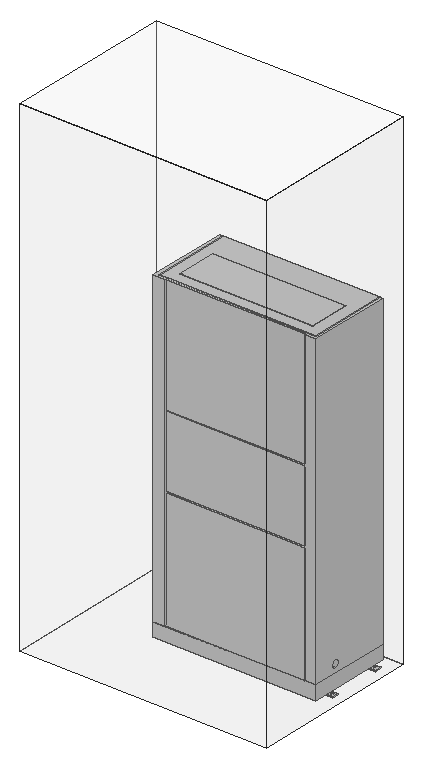
Revit family "pffy-p112_280rmg9_50Hz", category 機械設備, Revit 2019
Family settings
  丸型コネクタ寸法 = 直径を使用
  パーツ タイプ = 標準
  OmniClass 番号 = 23.75.10.24.21.27.27
  OmniClass タイトル = Split System Air Conditioning Units
  作業面ベース = いいえ
  常に垂直 = はい
  ロード時にボイドで切り取り = いいえ
  共有 = いいえ
  部屋計算ポイント = いいえ
Parameters (values of type "PFFY-P112RMG9")
  風量（m3／min） = 32
  風量 = MAX風量  # 1920.0 m³/h
  音響パワーレベル(dB) = 66
  電源種別 = ""
  電圧_電気ヒーター = 0 V
  電圧 = 200 V
  電動機出力_送風機 = 0.4 kW
  運転質量 = 0.00 kg
  連動 = ""
  質量 = if(製品質量 > 運転質量, 製品質量, 運転質量) * 1.2  # 163.20 kg
  負荷分類 = 3_ファン類
  説明 = "ビル用マルチエアコン 壁ビルトイン形　室内機"
  設計暖房能力 [instance] = 0 kW
  設計冷房能力_顕熱 [instance] = 0 kW
  設計冷房能力 [instance] = 0 kW
  設置方法 = "床置形"
  記号 [instance] = ""
  製造元 = "三菱電機株式会社"
  製品質量 = 136.00 kg
  製品出荷対象 = "国内"
  製品リリース年月 = "2022年9月15日"
  製品グループ = ""
  系統 [instance] = ""
  符号 = "ACP-FRV(D)"
  積算_科目 = "1 空気調和設備"
  積算_拾い区分 [instance] = ""
  相_電気ヒーター = 1
  相 = 3
  盤記号 [instance] = ""
  発停方法 = ""
  特殊仕様 [instance] = ""
  火災停止 = ""
  消費電力_電気ヒーター = 0 kW
  消費電力_暖房 = 0.48 kW
  消費電力_加湿器 = 0 kW
  消費電力_冷房 = 0.48 kW
  消費電力 = if(消費電力_冷房 > 消費電力_暖房, 消費電力_冷房, 消費電力_暖房) + 消費電力_加湿器 + 消費電力_電気ヒーター  # 0.48 kW
  法定耐用年数 = "15"
  機械基礎質量 [instance] = 0.00 kg
  機械基礎_W = 0 mm
  機械基礎_H = 0 mm
  機械基礎_D = 0 mm
  機械基礎 [instance] = no
  機外静圧 = 200.0 Pa
  極数 = 3
  材質 [instance] = ""
  本体マテリアル = none
  有効加湿量 = 0
  暖房能力 = 12.5 kW
  形式_加湿器 = ""
  形式 = "床置（露出）立形"
  形名 = PFFY-P-RMG : PFFY-P112RMG9
  幹線記号 [instance] = ""
  始動方式 = "直入"
  呼称 = "室内機_床置(露出)立形(直吹)"
  周波数 = 50 Hz
  台数_手元リモコン [instance] = ""
  台数_冷媒分岐ユニット [instance] = ""
  参照している仕様書等のバージョン = "公共建築工事標準仕様書（機械設備工事編）平成31年度版"
  加湿給水管径 = 0.00 mm
  分類コード = "50053003221100"
  分類グループ = ""
  冷房能力 = 11.2 kW
  冷媒高低圧ガス管径 = 0.00 mm
  冷媒管径符号 = "Bd"
  冷媒管径 = 100.00 mm
  冷媒液管径 = 9.52 mm
  冷媒ガス管径 = 15.88 mm
  価格 = 0
  企業コード = "108420"
  付属品_フィルター = ""
  付属品 [instance] = ""
  仕様書バージョン = "Version1.0"
  モデル = "PFFY-P112RMG9"
  ドレン管径 = 34.00 mm
  ダクト高 = 250 mm
  ダクト幅 = 800 mm
  コメント [instance] = ""
  Keynote = ""
  Width = 980 mm
  Version = ""
  Uniclass2015Version = "Systems v1.9"
  Uniclass2015Title = "Split coil remote air cooled condensing units"
  Uniclass2015Code = "Pr_70_65_03_84"
  URL = "https://www.mitsubishielectric.co.jp/ldg/wink/ssl/displayProduct.do?pid=317106"
  S寸法 = 0 mm
  SpecificationReference = ""
  SpecificationDescription = ""
  Revision = ""
  ProductInformation = ""
  OmniClassCode = "23-33 17 13 11"
  MAX風量 = 風量（m3／min） * 60.0 m³/h  # 1920.0 m³/h
  IfcTypeProduct = ""
  IfcProduct = ""
  IfcExportType = "AIRCONDITIONINGUNIT"
  IfcExportAs = "IfcUnitaryEquipmentType"
  Height = 1950 mm
  Depth = 500 mm
  Clearance Top = 1000 mm
  Clearance Right = 100 mm
  Clearance Left = 400 mm
  Clearance Front = 500 mm
  Clearance Back = 30 mm
  Author = "三菱電機株式会社"
Types (4, lengths in mm): name | 風量（m3／min） | 風量 | 音響パワーレベル(dB) | 電動機出力_送風機 | 質量 | 製品質量 | 消費電力_暖房 | 消費電力_冷房 | 消費電力 | 機械基礎_H | 機外静圧 | 暖房能力 | 形名 | 冷房能力 | 冷媒管径符号 | 冷媒ガス管径 | モデル | ダクト幅 | Width | URL | MAX風量
  PFFY-P112RMG9 | 32 | 1920.0 m³/h | 66 | 0.4 kW | 163.20 kg | 136.00 kg | 0.48 kW | 0.48 kW | 0.48 kW | 0 | 200.0 Pa | 12.5 kW | PFFY-P-RMG : PFFY-P112RMG9 | 11.2 kW | "Bd" | 15.88 | "PFFY-P112RMG9" | 800 | 980 | "https://www.mitsubishielectric.co.jp/ldg/wink/ssl/displayProduct.do?pid=317106" | 1920.0 m³/h
  PFFY-P140RMG9 | 40 | 2400.0 m³/h | 68 | 0.48 kW | 163.20 kg | 136.00 kg | 0.64 kW | 0.64 kW | 0.64 kW | 0 | 200.0 Pa | 16 kW | PFFY-P-RMG : PFFY-P140RMG9 | 14 kW | "Bd" | 15.88 | "PFFY-P140RMG9" | 800 | 980 | "https://www.mitsubishielectric.co.jp/ldg/wink/ssl/displayProduct.do?pid=317107" | 2400.0 m³/h
  PFFY-P224RMG9 | 64 | 3840.0 m³/h | 72 | 0.9 kW | 198.00 kg | 165.00 kg | 1.23 kW | 1.23 kW | 1.23 kW | 0 | 300.0 Pa | 25 kW | PFFY-P-RMG : PFFY-P224RMG9 | 22.4 kW | "Be" | 19.05 | "PFFY-P224RMG9" | 1020 | 1200 | "https://www.mitsubishielectric.co.jp/ldg/wink/ssl/displayProduct.do?pid=317108" | 3840.0 m³/h
  PFFY-P280RMG9 | 80 | 4800.0 m³/h | 77 | 1.1 kW | 220.80 kg | 184.00 kg | 1.61 kW | 1.61 kW | 1.61 kW | 150 | 300.0 Pa | 31.5 kW | PFFY-P-RMG : PFFY-P280RMG9 | 28 kW | "Bf" | 22.20 | "PFFY-P280RMG9" | 1260 | 1440 | "https://www.mitsubishielectric.co.jp/ldg/wink/ssl/displayProduct.do?pid=317109" | 4800.0 m³/h
Reference planes
  plane 1: z = -150
  plane 2: z = 1800
  plane 3: z = -150
  plane 4: z = 2800
  plane 5 "中心(正面/背面)": y = -250
  plane 6 "左": x = -490
  plane 7 "右": x = 490
  plane 8 "正面": y = -500
  plane 9 "背面": y = 0
  plane 10: x = 0
  plane 11: x = -875
  plane 12: y = 0
  plane 13: y = -500
  plane 14: x = 490
  plane 15: y = 30
  plane 16: x = 590
  plane 17: x = -890
  plane 18: y = -1000
  plane 19 "配管_左": x = -493
  plane 20 "電源_右": x = 493
Dimensions and locks
  "Height": plane 1 to plane 2
  "Clearance Top": plane 4 to plane 2
  "Width": plane 6 "左" to plane 7 "右"
  "Depth": plane 8 "正面" to plane 9 "背面"
  "S寸法": plane 9 "背面" to plane 12
  "S寸法": plane 13 to plane 8 "正面"
  "S寸法": plane 7 "右" to plane 14
  "Clearance Back": plane 9 "背面" to plane 15
  "Clearance Right": plane 7 "右" to plane 16
  "Clearance Left": plane 17 to plane 6 "左"
  "Clearance Front": plane 18 to plane 8 "正面"
  equal spacing: plane 6 "左", plane 10, plane 7 "右"
  locked: plane 14 to plane 20 "電源_右" at 3
  locked: plane 19 "配管_左" to plane 6 "左" at 3
  aligned and locked: plane 17 to nested 1
  aligned and locked: plane 16 to nested 1
  aligned and locked: plane 15 to nested 1
  aligned and locked: plane 1 to plane 3
  aligned and locked: plane 10 to nested 2
  aligned and locked: plane 5 "中心(正面/背面)" to nested 2
  aligned and locked: plane 18 to nested 1
Nested families
  nested 1: "サービススペース(PFFY-P-DMG)" at (-150, -485, 1325), type "サービススペース(PFFY-P-DMG)"
    with Width 1480 mm, Height 2950 mm, Depth 1030 mm
  nested 2: "PFFY-P-RMG" at (0, -250, -150), type <- "形名", マテリアル1 <- "本体マテリアル", type "PFFY-P112RMG9"
    with 表示 yes, マテリアル2 none, マテリアル1 none
Connectors
  piping at (-493, -325, 760), diameter 100
    settings: on nested 2, index 1, connector inside diameter 609.60 mm, connector length 0 mm, flow factor 0, pipe flow 0.0 L/s, pressure drop 0.0 Pa, fitting loss kfactor 0, connector angle 0.00°, fixture units 0, engagement length 0 mm, angle of deflection 0.00°, flow configuration 0, flow direction 0, fitting loss method 0, system type 7, joint type 0, gender type 0, connector reference index -1, connector utility 0, adjustable connector no, is connector primary yes, connector description ""
  piping at (-493, -245, -120), diameter 34
    settings: on nested 2, index 2, connector inside diameter 609.60 mm, connector length 0 mm, flow factor 0, pipe flow 0.0 L/s, pressure drop 0.0 Pa, fitting loss kfactor 0, connector angle 0.00°, fixture units 0, engagement length 0 mm, angle of deflection 0.00°, flow configuration 0, flow direction 0, fitting loss method 0, system type 7, joint type 0, gender type 0, connector reference index -1, connector utility 0, adjustable connector no, is connector primary no, connector description ""
  electrical at (493, -360, -10), driven by "電圧", driven by "消費電力"
    settings: on nested 2, index 3, voltage 200 V, apparent load 480 VA, apparent load phase1 0 VA, apparent load phase2 0 VA, apparent load phase3 0 VA, power factor 1, load classification "その他", number of poles 1, system type 30, power factor state 1, is connector primary yes, connector utility no, sub classification motor no, connector description ""
Definition of nested family "サービススペース(PFFY-P-DMG)"
  Parameters (values of type "サービススペース")
    Width [instance] = 500 mm
    Height [instance] = 500 mm
    Depth [instance] = 500 mm
  Reference planes
    plane 1 "中心(正面/背面)": y = 0
    plane 2: z = 0
    plane 3 "中心(左/右)": x = 0
    plane 4: y = -250
    plane 5: x = 250
    plane 6: y = 250
    plane 7: x = -250
    plane 8: z = 250
    plane 9: z = -250
  Forms (mm)
    Extrusion 1, solid
      sketch origin (-638.939, 0, 72.39) x (1, 0, 0) y (0, 1, 0)
        loop
          line (388.939, 250) -> (388.939, -250) -> (888.939, -250) -> (888.939, 250) -> (388.939, 250)
      from -322.39 to 177.61
  Lines and regions (mm)
    symbolic lines
      curve 1: line (-250, 0, 250) -> (250, 0, 250)
      curve 2: line (-250, 0, -250) -> (-250, 0, 250)
      curve 3: line (250, 0, -250) -> (-250, 0, -250)
      curve 4: line (250, 0, 250) -> (250, 0, -250)
      curve 5: line (0, -250, 250) -> (0, 250, 250)
      curve 6: line (0, -250, -250) -> (0, -250, 250)
      curve 7: line (0, 250, -250) -> (0, -250, -250)
      curve 8: line (0, 250, 250) -> (0, 250, -250)
      curve 9: line (-250, 250, 0) -> (250, 250, 0)
      curve 10: line (-250, -250, 0) -> (-250, 250, 0)
      curve 11: line (250, -250, 0) -> (-250, -250, 0)
      curve 12: line (250, 250, 0) -> (250, -250, 0)
  Dimensions and locks
    equal spacing: plane 7, plane 3 "中心(左/右)", plane 5
    equal spacing: plane 4, plane 1 "中心(正面/背面)", plane 6
    "Depth": plane 4 to plane 6
    "Width": plane 7 to plane 5
    equal spacing: plane 8, plane 2, plane 9
    "Height": plane 8 to plane 9
    aligned and locked: plane 9 to curve 3
    aligned and locked: plane 7 to curve 2
    aligned and locked: curve 4 to plane 5
    aligned and locked: plane 5 to Extrusion 1
    aligned and locked: Extrusion 1 to plane 7
    aligned and locked: Extrusion 1 to plane 9
    aligned and locked: plane 8 to Extrusion 1
    aligned and locked: plane 9 to curve 7
  Automatic sketch dimensions
    plane 4 to Extrusion 1 sketch curve = 0 mm
    Extrusion 1 sketch curve to plane 7 = 0 mm
    Extrusion 1 sketch curve to plane 5 = 0 mm
    plane 6 to Extrusion 1 sketch curve = 0 mm
    curve 2 to plane 8 = 0 mm
    plane 4 to curve 11 = 0 mm
    curve 11 to plane 7 = 0 mm
    curve 11 to plane 5 = 0 mm
    plane 6 to curve 10 = 0 mm
    curve 7 to plane 4 = 0 mm
    curve 7 to plane 6 = 0 mm
    curve 6 to plane 8 = 0 mm
Definition of nested family "PFFY-P-RMG"
  Parameters (values of type "PFFY-P224RMG9")
    液径 = 9.52 mm
    液-W = 0 mm
    液-H = 910 mm
    液-D = 225 mm
    高 = 1950 mm
    電源径 = 36 mm
    電源-W = 0 mm
    電源-H = 140 mm
    電源-D = 140 mm
    表示 [instance] = yes
    幅 = 1200 mm
    奥行 = 500 mm
    吹出し口-W = 1020 mm
    吹出し口-D = 250 mm
    吊りボルト径 = 12 mm
    吊りボルト-W = 1242 mm
    吊りボルト-D = 320 mm
    吊りボルト-H = 0 mm
    冷媒径 = 100 mm
    ガス径 = 19.05 mm
    ガス-W = 0 mm
    ガス-H = 910 mm
    ガス-D = 125 mm
    マテリアル2 [instance] = none
    マテリアル1 [instance] = none
    ドレン径 = 34 mm  # constant formula
    ドレン-W = 0 mm
    ドレン-H = 30 mm
    ドレン-D = 255 mm
  Types (4, lengths in mm): name | 幅 | 吹出し口-W | 吊りボルト-W | ガス径
    PFFY-P280RMG9 | 1440 | 1260 | 1482 | 22.2
    PFFY-P224RMG9 | 1200 | 1020 | 1242 | 19.05
    PFFY-P140RMG9 | 980 | 800 | 1022 | 15.88
    PFFY-P112RMG9 | 980 | 800 | 1022 | 15.88
  Reference planes
    plane 1 "中心(正面/背面)": y = 0
    plane 2: z = 0
    plane 3 "中心(左/右)": x = 0
    plane 4: x = 600
    plane 5: x = -600
    plane 6: y = 250
    plane 7: y = -250
    plane 8: z = 1250
    plane 9: z = 1950
    plane 10: z = 85
    plane 11 "吊りボルト-W2": x = 621
    plane 12 "吊りボルト-W1": x = -621
    plane 13 "ドレン-H": z = 30
    plane 14 "電源穴-H": z = 140
    plane 15: z = 910
    plane 16: z = 910
    plane 17: z = 1240
    plane 18: x = 640
    plane 19: x = -640
    plane 20: y = 130
    plane 21: z = 5
    plane 22 "冷媒管-H": z = 910
    plane 23: z = 800
    plane 24: z = 810
    plane 25 "67-20": y = -183
    plane 26 "吹出し口-D2": y = -163
    plane 27 "吹出し口-D1": y = 87
    plane 28: x = 530
    plane 29 "吹出し口-幅2": x = 510
    plane 30 "吹出し口-幅1": x = -510
    plane 31 "20": x = -530
    plane 32 "吊りボルト-D2": y = -155
    plane 33 "吊りボルト-D1": y = 165
    plane 34 "ドレン-D": y = 5
    plane 35 "冷媒管-D": y = -75
    plane 36 "ガス-D": y = -125
    plane 37 "液-D": y = -25
    plane 38 "電源-D": y = -110
    plane 39 "電源穴-D": y = -110
    plane 40 "ガス": y = -125
    plane 41 "液": y = -25
  Forms (mm)
    Extrusion 1, solid, material <- "マテリアル1", visible <- "表示", detail levels fine
      sketch origin (0, 0, -400) x (1, 0, 0) y (0, 1, 0)
        loop
          line (530, -230) -> (-530, -230) -> (-530, -247) -> (530, -247) -> (530, -230)
      from 1650 to 2350
    Extrusion 2, solid, material <- "マテリアル1", visible <- "表示", detail levels fine
      sketch origin (0, 0, -800) x (1, 0, 0) y (0, 1, 0)
        loop
          line (-530, -247) -> (530, -247) -> (530, -230) -> (-530, -230) -> (-530, -247)
      from 885 to 1600
    Extrusion 3, solid, material <- "マテリアル2", visible <- "表示", detail levels fine
      sketch origin (0, 0, 0) x (1, 0, 0) y (0, 1, 0)
        loop
          line (600, 185) -> (600, 145) -> (640, 145) -> (640, 185) -> (600, 185)
        loop
          line (600, -137.5) -> (600, -177.5) -> (640, -177.5) -> (640, -137.5) -> (600, -137.5)
        loop
          line (-640, 185) -> (-640, 145) -> (-600, 145) -> (-600, 185) -> (-640, 185)
        loop
          line (-640, -137.5) -> (-640, -177.5) -> (-600, -177.5) -> (-600, -137.5) -> (-640, -137.5)
        loop
          circle (-621, 165) r 6
        loop
          circle (621, 165) r 6
        loop
          circle (621, -155) r 6
        loop
          circle (-621, -155) r 6
      from 0 to 5
    Extrusion 4, solid, material <- "マテリアル1", visible <- "表示", detail levels fine
      sketch origin (-1437.329, -1524, 1748) x (-1, 0, 0) y (0, -1, 0)
        loop
          line (-837.329, -1774) -> (-837.329, -1274) -> (-907.329, -1274) -> (-907.329, -1294) -> (-857.329, -1294) -> (-857.329, -1774) -> (-837.329, -1774)
        loop
          line (-2017.329, -1774) -> (-2017.329, -1294) -> (-1967.329, -1294) -> (-1967.329, -1274) -> (-2037.329, -1274) -> (-2037.329, -1774) -> (-2017.329, -1774)
      from -1663 to 202
    Extrusion 5, solid, material <- "マテリアル1", visible <- "表示", detail levels fine
      sketch origin (-1437.329, -1524, 1748) x (-1, 0, 0) y (0, -1, 0)
        loop
          line (-2017.329, -1774) -> (-857.329, -1774) -> (-857.329, -1294) -> (-2017.329, -1294) -> (-2017.329, -1774)
      from -1663 to 202
    Extrusion 6, solid, material <- "マテリアル2", visible <- "表示", detail levels fine
      sketch origin (-1437.329, -1524, 1748) x (-1, 0, 0) y (0, -1, 0)
        loop
          line (-837.329, -1774) -> (-837.329, -1274) -> (-2037.329, -1274) -> (-2037.329, -1774) -> (-837.329, -1774)
      from -1748 to -1663
    Extrusion 7, solid, material <- "マテリアル2", visible <- "表示", detail levels fine
      sketch origin (600, 1296.25, 1200) x (0, 1, 0) y (0, 0, 1)
        loop
          circle (-1406.25, -1060) r 18
      from 0 to 3
    Extrusion 8, solid, material <- "マテリアル1", visible <- "表示", detail levels fine
      sketch origin (0, 0, -360) x (1, 0, 0) y (0, 1, 0)
        loop
          line (-530, -247) -> (530, -247) -> (530, -230) -> (-530, -230) -> (-530, -247)
      from 1170 to 1600
    Extrusion 9, solid, detail levels fine
      sketch origin (-1437.329, -1524, 1950) x (-1, 0, 0) y (0, -1, 0)
        loop
          line (-1947.329, -1361) -> (-1947.329, -1611) -> (-927.329, -1611) -> (-927.329, -1361) -> (-1947.329, -1361)
      from 0 to 1
    Extrusion 10, solid, detail levels fine
      sketch origin (-600, -250, 1748) x (0, 1, 0) y (0, 0, -1)
        loop
          circle (175, 838) r 50
      from 0 to 3
    Extrusion 11, solid, detail levels fine
      sketch origin (-600, -250, 1748) x (0, 1, 0) y (0, 0, -1)
        loop
          circle (255, 1718) r 17
      from 0 to 3
    Extrusion 12, solid, detail levels fine
      sketch origin (-600, -250, 1748) x (0, 1, 0) y (0, 0, -1)
        loop
          circle (125, 838) r 9.525
        loop
          circle (225, 838) r 4.76
      from 0 to 3
  Lines and regions (mm)
    Masking region 1, visible <- "表示", detail levels coarse+medium
      outline origin (0, 0, 0) x (1, 0, 0) y (0, 1, 0)
        loop
          line (-600, 250) -> (-600, -250) -> (600, -250) -> (600, 250) -> (-600, 250)
    symbolic lines, visible <- "表示"
      curve 1: line (-600, 250, 1748) -> (-600, -250, 1748)
      curve 2: line (-600, -250, 1748) -> (600, -250, 1748)
      curve 3: line (600, -250, 1748) -> (600, 250, 1748)
      curve 4: line (600, 250, 1748) -> (-600, 250, 1748)
  Dimensions and locks
    equal spacing: plane 7, plane 1 "中心(正面/背面)", plane 6
    "奥行": plane 7 to plane 6
    equal spacing: plane 5, plane 3 "中心(左/右)", plane 4
    "幅": plane 5 to plane 4
    plane 10 to level = 85 mm
    equal spacing: plane 12 "吊りボルト-W1", plane 3 "中心(左/右)", plane 11 "吊りボルト-W2"
    "吊りボルト-W": plane 12 "吊りボルト-W1" to plane 11 "吊りボルト-W2"
    "ドレン-H": plane 13 "ドレン-H" to level
    "電源-H": plane 14 "電源穴-H" to level
    "液-H": plane 15 to level
    plane 9 to plane 8 = 700 mm
    "ガス-H": plane 16 to level
    locked: plane 8 to plane 17 at 10
    locked: plane 19 to plane 5 at 40
    locked: plane 4 to plane 18 at 40
    locked: plane 21 to level at 5
    "高": plane 9 to level
    locked: plane 24 to plane 23 at 10
    plane 23 to level = 800 mm
    locked: plane 7 to plane 25 "67-20" at 67
    "吹出し口-D": plane 26 "吹出し口-D2" to plane 27 "吹出し口-D1"
    locked: plane 25 "67-20" to plane 26 "吹出し口-D2" at 20
    locked: plane 28 to plane 4 at 70
    locked: plane 29 "吹出し口-幅2" to plane 28 at 20
    "吹出し口-W": plane 30 "吹出し口-幅1" to plane 29 "吹出し口-幅2"
    locked: plane 31 "20" to plane 30 "吹出し口-幅1" at 20
    locked: plane 7 to plane 32 "吊りボルト-D2" at 95
    "吊りボルト-D": plane 32 "吊りボルト-D2" to plane 33 "吊りボルト-D1"
    "吊りボルト径": diameter of Extrusion 3 sketch curve  (x4)
    "電源径": diameter of Extrusion 7 sketch curve
    "冷媒径": diameter of Extrusion 10 sketch curve
    "ドレン径": diameter of Extrusion 11 sketch curve
    "ガス径": diameter of Extrusion 12 sketch curve
    "液径": diameter of Extrusion 12 sketch curve
    aligned and locked: level to plane 2
    aligned and locked: Extrusion 2 to plane 10
    aligned and locked: Extrusion 1 to plane 8
    aligned and locked: Extrusion 4 to plane 10
    aligned and locked: plane 9 to Extrusion 4
    aligned and locked: plane 9 to Extrusion 1
    aligned and locked: Extrusion 4 sketch curve to plane 7
    aligned and locked: Extrusion 5 sketch curve to plane 6
    aligned and locked: plane 9 to Extrusion 5
    aligned and locked: Extrusion 5 to plane 10
    aligned and locked: plane 4 to Extrusion 3 sketch curve  (x2)
    aligned and locked: Extrusion 3 sketch curve to plane 18  (x2)
    aligned and locked: plane 19 to Extrusion 3 sketch curve  (x2)
    aligned and locked: Extrusion 3 sketch curve to plane 5  (x2)
    aligned and locked: plane 12 "吊りボルト-W1" to Extrusion 3 sketch curve  (x2)
    aligned and locked: plane 11 "吊りボルト-W2" to Extrusion 3 sketch curve  (x2)
    aligned and locked: Extrusion 3 to level
    aligned and locked: plane 21 to Extrusion 3
    aligned and locked: Extrusion 6 sketch curve to Extrusion 4
    aligned and locked: Extrusion 6 sketch curve to Extrusion 5
    aligned and locked: Extrusion 6 to level
    aligned and locked: plane 10 to Extrusion 6
    aligned and locked: Masking region 1 sketch curve to Extrusion 6
    aligned and locked: Masking region 1 sketch curve to Extrusion 4
    aligned and locked: Masking region 1 sketch curve to plane 7
    aligned and locked: Masking region 1 sketch curve to plane 4
    aligned and locked: plane 14 "電源穴-H" to Extrusion 7 sketch curve
    aligned and locked: Extrusion 7 to plane 4
    aligned and locked: plane 23 to Extrusion 2
    aligned and locked: Extrusion 8 to plane 24
    aligned and locked: plane 30 "吹出し口-幅1" to Extrusion 9 sketch curve
    aligned and locked: nested 1 to plane 11 "吊りボルト-W2"
    aligned and locked: plane 33 "吊りボルト-D1" to nested 1
    aligned and locked: plane 32 "吊りボルト-D2" to nested 1
    aligned and locked: plane 12 "吊りボルト-W1" to nested 1
  Automatic sketch dimensions
    plane 7 to curve 2 = 0 mm
    plane 6 to Extrusion 4 sketch curve = 0 mm  (x2)
    Extrusion 4 sketch curve to plane 5 = 0 mm
    plane 5 to Extrusion 1 sketch curve = 70 mm
    plane 5 to Extrusion 2 sketch curve = 70 mm
    Extrusion 4 sketch curve to plane 4 = 20 mm
    plane 5 to Extrusion 4 sketch curve = 20 mm
    Extrusion 5 sketch curve to plane 4 = 20 mm
    plane 5 to Extrusion 5 sketch curve = 20 mm
    plane 5 to Extrusion 8 sketch curve = 70 mm
    Extrusion 1 sketch curve to plane 7 = 3 mm
    Extrusion 1 sketch curve to Extrusion 1 sketch curve = 17 mm
    Extrusion 2 sketch curve to plane 7 = 3 mm
    Extrusion 2 sketch curve to Extrusion 2 sketch curve = 17 mm
    Extrusion 4 sketch curve to plane 7 = 20 mm  (x2)
    Extrusion 5 sketch curve to plane 7 = 20 mm
    Extrusion 8 sketch curve to plane 7 = 3 mm
    Extrusion 8 sketch curve to Extrusion 8 sketch curve = 17 mm
    curve 2 to plane 5 = 0 mm
    plane 6 to curve 4 = 0 mm
    curve 3 to plane 4 = 0 mm
    Extrusion 4 sketch curve to Extrusion 4 sketch curve = 70 mm
    Extrusion 1 sketch curve to plane 4 = 70 mm
    Extrusion 2 sketch curve to plane 4 = 70 mm
    Extrusion 8 sketch curve to plane 4 = 70 mm
    Extrusion 9 sketch curve to Extrusion 5 = 70 mm
    Extrusion 9 sketch curve to Extrusion 5 = 163 mm
    Extrusion 9 sketch curve to Extrusion 5 = 67 mm
    Extrusion 4 sketch curve to plane 31 "20" = 0 mm
    plane 7 to Extrusion 4 sketch curve = 0 mm
    Extrusion 4 sketch curve to plane 4 = 0 mm
    Extrusion 6 sketch curve to plane 4 = 0 mm
    plane 7 to Extrusion 6 sketch curve = 0 mm
    plane 32 "吊りボルト-D2" to Extrusion 3 sketch curve = 0 mm  (x2)
    plane 33 "吊りボルト-D1" to Extrusion 3 sketch curve = 0 mm  (x2)
    Extrusion 3 sketch curve to plane 25 "67-20" = 5.5 mm  (x2)
    Extrusion 3 sketch curve to plane 40 "ガス" = 12.5 mm  (x2)
    Extrusion 3 sketch curve to plane 20 = 15 mm  (x2)
    Extrusion 3 sketch curve to plane 33 "吊りボルト-D1" = 20 mm  (x2)
    Extrusion 7 sketch curve to plane 38 "電源-D" = 0 mm
    Extrusion 10 sketch curve to Extrusion 4 = 175 mm
    Extrusion 4 to Extrusion 10 sketch curve = 825 mm
    Extrusion 11 sketch curve to Extrusion 4 = 55 mm
    Extrusion 4 to Extrusion 11 sketch curve = 245 mm
    Extrusion 12 sketch curve to Extrusion 4 = 125 mm
    Extrusion 12 sketch curve to Extrusion 12 sketch curve = 100 mm
    Extrusion 4 to Extrusion 12 sketch curve = 825 mm
    Extrusion 12 sketch curve to Extrusion 12 sketch curve = 0 mm
  Nested families
    nested 1: "固定点" at (-621, -155, 0), visible <- "表示", D <- "吊りボルト-D", W <- "吊りボルト-W", type "固定点", detail levels fine
      with W 1242 mm, D 320 mm, 中心円 12 mm
  Definition of nested family "固定点"
    Parameters (values of type "固定点")
      中心円 = 20 mm
      W [instance] = 1000 mm
      D [instance] = 1000 mm
    Reference planes
      plane 1 "中心(正面/背面)": y = 0
      plane 2: z = 0
      plane 3 "中心(左/右)": x = 0
      plane 4: x = 1000
      plane 5: y = 1000
    Lines and regions (mm)
      symbolic lines, detail levels fine
        curve 1: circle (0, 1000, 0) r 10 normal (0, 0, 1)
        curve 2: circle (0, 0, 0) r 10 normal (0, 0, 1)
        curve 3: circle (1000, 1000, 0) r 10 normal (0, 0, 1)
        curve 4: circle (1000, 0, 0) r 10 normal (0, 0, 1)
        curve 5: line (-200, 1000, 0) -> (1200, 1000, 0)
        curve 6: line (-200, 0, 0) -> (1200, 0, 0)
        curve 7: line (0, 1200, 0) -> (0, -200, 0)
        curve 8: line (1000, 1200, 0) -> (1000, -200, 0)
    Dimensions and locks
      "W": plane 3 "中心(左/右)" to plane 4
      "D": plane 1 "中心(正面/背面)" to plane 5
      "中心円": diameter of curve 1
      "中心円": diameter of curve 2
      "中心円": diameter of curve 3
      "中心円": diameter of curve 4
      aligned and locked: level to plane 2
      aligned and locked: plane 5 to curve 1
      aligned and locked: plane 3 "中心(左/右)" to curve 1
      aligned and locked: plane 3 "中心(左/右)" to curve 2
      aligned and locked: plane 1 "中心(正面/背面)" to curve 2
      aligned and locked: plane 4 to curve 3
      aligned and locked: plane 5 to curve 3
      aligned and locked: plane 1 "中心(正面/背面)" to curve 4
      aligned and locked: plane 4 to curve 4
      aligned and locked: plane 1 "中心(正面/背面)" to curve 6
      aligned and locked: curve 7 to plane 3 "中心(左/右)"
      aligned and locked: curve 8 to plane 4
    Automatic sketch dimensions
      curve 5 to plane 5 = 0 mm
      curve 6 to plane 3 "中心(左/右)" = 200 mm
      curve 5 to plane 3 "中心(左/右)" = 200 mm
      curve 4 to curve 6 = 200 mm
      curve 3 to curve 5 = 200 mm
      plane 1 "中心(正面/背面)" to curve 8 = 200 mm
      plane 1 "中心(正面/背面)" to curve 7 = 200 mm
      curve 3 to curve 8 = 200 mm
      curve 1 to curve 7 = 200 mm
